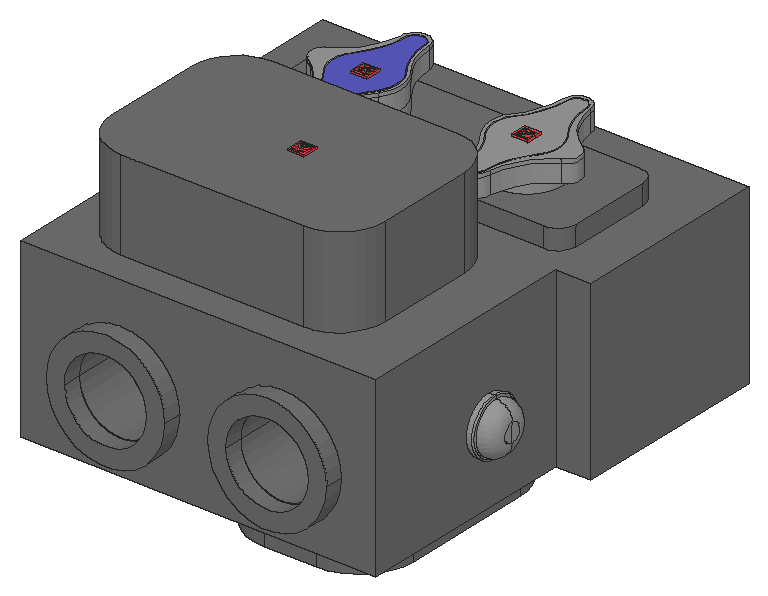
Revit family "HerzCon-узел прямого подключения для фанкойлов 90мм", category Rohrzubehör, Revit 2019
Family settings
  Bemaßung runder Anschluss = Durchmesser verwenden
  Teiletyp = Unterbricht
  OmniClass-Nummer = 23.65.55.14
  OmniClass-Titel = Valves for Liquid Services
  Arbeitsebenenbasiert = Nein
  Immer vertikal = Ja
  Beim Laden mit Abzugskörper schneiden = Nein
  Gemeinsam genutzt = Nein
Parameters (values of type "DN25")
  Среда = "Вода для системы отопления подготавливается в соответствии с ÖNORM H5195 или VDI 2035.\r\nВозможно использование этилена или пропиленгликоля в концентрации 25-50% объема."
  Применение = "HerzCON был разработан для простого подключения фанкойлов или AHU.\r\nHerzCON - это устройство, состоящее из независимого от давления комби-клапана - регулятора расхода (4006), HERZ фильтра-грязевика, HERZ крана для слива (2512) и двух HERZ мультифункциональных шаровых кранов.\r\nВключение, выключение и модульное управление возможно производить через приводы 0 - 10 В.\r\nПриводы могут быть интегрированы в BMS при необходимости.\r\nУстройство обеспечивает независимое от давления управление и в то же время гарантирует постоянный расход для конечного потребителя, максимизируя энергоэффективность системы.\r\nУстройство HerzCON также позволяет производить промывку и запирание.\r\nHerzCON предназначен для работы как в системах холодоснабжения, так и теплоснабжения.\r\nКран для слива, установленный на сетчатом фильтре, позволяет производить промывку устройства без необходимости извлечения сетчатого фильтра, а также позволяет очищать сетчатый фильтр в самом устройстве."
  Номер заказа теплоизолирующего кожуха [instance] = 1470098  # constant formula
  Номер заказа [instance] = 1460058  # constant formula
  Мин. рабочая температура = -20 °C  # constant formula
  Макс. рабочее давление = 2500000.0 Pa  # constant formula
  Макс. рабочая температура = 130 °C  # constant formula
  Макс. дифференциальное давление = 400000.0 Pa  # constant formula
  Корпус = "латунь, устойчивая к селективной цинковой коррозии"  # constant formula
  kvs-Wert (обычная работа) = "2.75"  # constant formula
  kvs-Wert (работа байпаса) = "10.00"  # constant formula
  URL = "www.herz-armaturen.ru"
  SCRNSEQ = "ARM;TYP_ARM=\"DURR\";02"
  SCRNCODE = "05;04;04"  # constant formula
  Nennweite SF [instance] = 32.00 mm  # constant formula
  Nennweite Kombi [instance] = 32.00 mm  # constant formula
  Nennweite KH [instance] = 25.00 mm  # constant formula
  Мембрана и уплотнительное кольцо O-Ring = "EPDM"  # constant formula
  L11 = 14.00 mm  # constant formula
  L10 = 25.00 mm  # constant formula
  L09 = 16.00 mm  # constant formula
  L08 = 14.75 mm  # constant formula
  L07 = 12.50 mm  # constant formula
  L06 = 20.50 mm  # constant formula
  L04 = 45.00 mm  # constant formula
  L03 = 18.00 mm  # constant formula
  L02 = 4.80 mm  # constant formula
  L01 = 19.85 mm  # constant formula
  L00 [instance] = 189.70 mm  # constant formula
  L05 = 22.00 mm  # constant formula
  Теплоизолирующий бокс = "EPP, вспененный полипропилен, паронепроницаемый, антидиффузионный, черного цвета"  # constant formula
  Ход = "4 мм"  # constant formula
  Hersteller = "HERZ Armaturen Ges.m.b.H."  # constant formula
  H02 = D02 + 1.00 mm  # 28.00 mm
  H01 = 39.50 mm  # constant formula
  Изоляция [instance] = yes
  D11 = 20.00 mm  # constant formula
  D10 = 13.00 mm  # constant formula
  D09 = 18.90 mm  # constant formula
  D08 = 19.10 mm  # constant formula
  D07 = 14.85 mm  # constant formula
  D06 = 32.60 mm  # constant formula
  D05 = 33.80 mm  # constant formula
  D04 = 15.50 mm  # constant formula
  D03 = 21.25 mm  # constant formula
  D02 = 27.00 mm  # constant formula
  D01 = 15.00 mm  # constant formula
Reference planes
  plane 1 "Mitte (Vorne/hinten)": y = 0
  plane 2: z = 0
  plane 3 "Mitte (Links/rechts)": x = 0
Forms (mm)
  Revolve 1, solid, material "Messing, weicher Gelbton, geschweißt", detail levels fine
    sketch origin (-0.315, -1.436, 0) x (1, 0, 0) y (0, 1, 0)
      loop
        line (-94.535, 1.436) -> (95.165, 1.436) -> (95.165, 16.436) -> (75.315, 16.436) -> (75.315, 28.436) -> (23.115, 28.436) -> (23.115, 22.686) -> (18.315, 22.686) -> (18.315, 16.936) -> (-17.685, 16.936) -> (-17.685, 22.686) -> (-22.485, 22.686) -> (-22.485, 28.436) -> (-74.685, 28.436) -> (-74.685, 16.436) -> (-94.535, 16.436) -> (-94.535, 1.436)
      axis (95.165, 1.436) -> (-94.535, 1.436)
    angle from 0 to 360
  Revolve 2, solid, material "Messing, weicher Gelbton, geschweißt", detail levels fine
    sketch origin (0, 0, 0) x (1, 0, 0) y (0, 1, 0)
      loop
        line (-45, 28.35) -> (-57.5, 28.35) -> (-57.5, 47.45) -> (-65.5, 47.45) -> (-65.5, 32.6) -> (-67, 32.6) -> (-67, -33.8) -> (-59.75, -33.8) -> (-59.75, -45.7) -> (-70, -45.7) -> (-70, -65.7) -> (-61, -65.7) -> (-61, -52.7) -> (-45, -52.7) -> (-45, 28.35)
      axis (-45, 47.45) -> (-45, -65.7)
    angle from 0 to 360
  Revolve 3, solid, material "Messing, weicher Gelbton, geschweißt", detail levels fine
    sketch origin (0, 0, 0) x (-1, 0, 0) y (0, 1, 0)
      loop
        line (-45, 28.35) -> (-57.5, 28.35) -> (-57.5, 47.45) -> (-65.5, 47.45) -> (-65.5, 32.6) -> (-67, 32.6) -> (-67, -33.8) -> (-59.75, -33.8) -> (-59.75, -45.7) -> (-70, -45.7) -> (-70, -65.7) -> (-61, -65.7) -> (-61, -52.7) -> (-45, -52.7) -> (-45, 28.35)
      axis (-45, 47.45) -> (-45, -65.7)
    angle from 0 to 360
  Revolve 4, solid, material "Messing, weicher Gelbton, geschweißt", detail levels fine
    sketch origin (0, 0, 0) x (1, 0, 0) y (0, 0, 1)
      loop
        line (-45, 0) -> (-45, 39.5) -> (-59, 39.5) -> (-59, 0) -> (-45, 0)
      axis (-45, 0) -> (-45, 39.5)
    angle from 0 to 360
  Revolve 5, solid, material "Messing, weicher Gelbton, geschweißt", detail levels fine
    sketch origin (0, 0, 0) x (-1, 0, 0) y (0, 0, 1)
      loop
        line (-45, 0) -> (-45, 39.5) -> (-59, 39.5) -> (-59, 0) -> (-45, 0)
      axis (-45, 0) -> (-45, 39.5)
    angle from 0 to 360
  Revolve 6, solid, material "Messing, weicher Gelbton, geschweißt", detail levels fine
    sketch origin (0, 33.127, 0) x (1, 0, 0) y (0, 1, 0)
      loop
        line (45, -87.677) -> (29, -87.677) -> (29, -96.677) -> (30, -96.677) -> (30, -154.677) -> (29, -154.677) -> (29, -163.677) -> (45, -163.677) -> (45, -87.677)
      axis (45, -87.677) -> (45, -163.677)
    angle from 0 to 360
  Revolve 7, solid, material "Messing, weicher Gelbton, geschweißt", detail levels fine
    sketch origin (0, 0, 0) x (1, 0, 0) y (0, 1, 0)
      loop
        line (25, -92.55) -> (25, -107.55) -> (45, -107.55) -> (60, -111.55) -> (68, -111.55) -> (68, -107.55) -> (78, -107.55) -> (78, -105.55) -> (91, -105.55) -> (91, -106.55) -> (100, -106.55) -> (100, -92.55) -> (25, -92.55)
      axis (25, -92.55) -> (100, -92.55)
    angle from 0 to 360
  Revolve 8, solid, material "Messing, weicher Gelbton, geschweißt", detail levels fine
    sketch origin (0, 0, 0) x (1, 0, 0) y (0, 1, 0)
      loop
        line (25, -92.55) -> (11, -92.55) -> (11, -103.55) -> (15, -103.55) -> (15, -109.55) -> (25, -109.55) -> (25, -92.55)
      axis (11, -92.55) -> (25, -92.55)
    angle from 0 to 360
  Extrusion 9, solid, material "Messing, weicher Gelbton, geschweißt", detail levels fine
    sketch origin (0, 0, 0) x (0, 1, 0) y (0, 0, 1)
      loop
        line (-87.8, 46) -> (-97.3, 46) -> (-130.012, 27.114) -> (-134.762, 18.886) -> (-134.762, -18.886) -> (-130.012, -27.114) -> (-97.3, -46) -> (-87.8, -46) -> (-55.088, -27.114) -> (-50.338, -18.886) -> (-50.338, 18.886) -> (-55.088, 27.114) -> (-87.8, 46)
    from 11 to -10.6
  Revolve 10, solid, material "Messing, weicher Gelbton, geschweißt", detail levels fine
    sketch origin (0, 0, 0) x (1, 0, 0) y (0, 1, 0)
      loop
        line (-10.6, -92.55) -> (-10.6, -62.694) -> (-14.1, -75.05) -> (-14.1, -92.55) -> (-10.6, -92.55)
      axis (-14.1, -92.55) -> (-10.6, -92.55)
    angle from 0 to 360
  Extrusion 11, solid, material "Messing, weicher Gelbton, geschweißt", detail levels fine
    sketch origin (0, 0, 0) x (1, 0, 0) y (0, 0, 1)
      loop
        line (11, 8) -> (-6.1, 8)
        arc (-6.1, 8) -> (-14.1, 0) -> (-6.1, -8) r 8
        line (-6.1, -8) -> (11, -8) -> (11, 8)
    from 49.053 to 92.55
  Revolve 12, solid, material "Messing, weicher Gelbton, geschweißt", detail levels fine
    sketch origin (0, 0, 0) x (1, 0, 0) y (0, 1, 0)
      loop
        line (-13.1, -49.053) -> (-6.1, -49.053) -> (-6.1, -33.053) -> (-13.1, -33.053) -> (-13.1, -44.053) -> (-10.1, -44.053) -> (-10.1, -46.053) -> (-13.1, -46.053) -> (-13.1, -49.053)
      axis (-6.1, -33.053) -> (-6.1, -49.053)
    angle from 0 to 360
  Revolve 13, solid, material "Messing, weicher Gelbton, geschweißt", detail levels fine
    sketch origin (45, 0, 0) x (0, 1, 0) y (0, 0, 1)
      loop
        line (-107.55, 29) -> (-116.55, 29) -> (-116.55, 0) -> (-115.35, 0) -> (-115.35, -27) -> (-114.55, -27) -> (-114.55, -30) -> (-111.55, -30) -> (-111.55, -32) -> (-114.55, -32) -> (-114.55, -43) -> (-107.55, -43) -> (-107.55, 29)
      axis (-107.55, 29) -> (-107.55, -43)
    angle from 0 to 360
  Revolve 14, solid, material "Messing, weicher Gelbton, geschweißt", detail levels fine
    sketch origin (45, 0, 0) x (0, 1, 0) y (0, 0, 1)
      loop
        line (-68.55, 29) -> (-77.55, 29) -> (-77.55, 0) -> (-68.55, 0) -> (-68.55, 29)
      axis (-77.55, 29) -> (-77.55, 0)
    angle from 0 to 360
  Revolve 15, solid, material "Messing, weicher Gelbton, geschweißt", detail levels fine
    sketch origin (5.25, 97.957, 0) x (1, 0, 0) y (0, 1, 0)
      loop
        line (-50.25, -152.507) -> (-66.25, -152.507) -> (-66.25, -167.507) -> (-67.75, -167.507) -> (-67.75, -230.907) -> (-66.25, -230.907) -> (-66.25, -242.507) -> (-50.25, -242.507) -> (-50.25, -152.507)
      axis (-50.25, -152.507) -> (-50.25, -242.507)
    angle from 0 to 360
  Revolve 16, solid, material "Messing, weicher Gelbton, geschweißt", detail levels fine
    sketch origin (-45, -230.478, 0) x (0, 1, 0) y (0, 0, 1)
      loop
        arc (130.928, -23.913) -> (141.764, -20.377) -> (148.428, -11.13) r 18.37
        line (148.428, -11.13) -> (148.428, 3) -> (149.428, 4.812) -> (149.428, 32.5) -> (149.428, 34.5) -> (148.428, 34.5) -> (148.428, 36) -> (144.428, 36) -> (144.428, 49) -> (142.55, 50.084)
        arc (142.55, 50.084) -> (140.382, 52.622) -> (140.295, 55.959) r 5
        line (140.295, 55.959) -> (141.933, 61) -> (141.933, 76) -> (144.133, 76) -> (144.133, 77.5) -> (145.912, 77.5) -> (145.912, 84) -> (144.912, 86.5) -> (133.412, 86.5) -> (133.412, 89.5) -> (134.912, 89.5) -> (134.912, 91.5) -> (130.928, 91.5) -> (130.928, -23.913)
      axis (130.928, 91.5) -> (130.928, -23.913)
    angle from 0 to 360
  Extrusion 17, solid, material "Messing, weicher Gelbton, geschweißt", detail levels fine
    sketch origin (-1, -230.478, 0) x (0, 1, 0) y (0, 0, 1)
      loop
        circle (130.928, 65) r 5.5
    from -44 to -27
  Extrusion 18, solid, material "Kunststoff-Anthrazit/Schwarz", visible <- "Изоляция", detail levels fine
    sketch origin (-452.346, 0, 0) x (1, 0, 0) y (0, 1, 0)
      loop
        line (332.346, 64.5) -> (332.346, -45.5) -> (351.746, -45.5) -> (351.746, -170.5) -> (549.946, -170.5) -> (549.946, -45.5) -> (569.346, -45.5) -> (569.346, 64.5) -> (332.346, 64.5)
    from -42 to 56
  Extrusion 19, void
    sketch origin (0, 0, 0) x (0, 1, 0) y (0, 0, 1)
      loop
        circle (-92.55, 0) r 15
    from 117 to 32.451
  Extrusion 20, void
    sketch origin (0, 0, 0) x (1, 0, 0) y (0, 0, 1)
      loop
        circle (-45, 0) r 23
      loop
        circle (45, 0) r 23
    from 184.5 to -80
  Extrusion 21, solid, material "Kunststoff-Anthrazit/Schwarz", visible <- "Изоляция", detail levels fine
    sketch origin (0, 0, 0) x (1, 0, 0) y (0, 0, 1)
      loop
        circle (-45, 0) r 33
      loop
        circle (45, 0) r 33
    from 180.5 to 170.5
  Extrusion 22, solid, material "Kunststoff-Anthrazit/Schwarz", visible <- "Изоляция", detail levels fine
    sketch origin (0, 0, 0) x (1, 0, 0) y (0, 0, 1)
      loop
        circle (-45, 0) r 33
      loop
        circle (45, 0) r 33
    from -64.5 to -74.5
  Extrusion 23, solid, material "Kunststoff-Anthrazit/Schwarz", visible <- "Изоляция", detail levels fine
    sketch origin (0, 0, 0) x (1, 0, 0) y (0, 1, 0)
      loop
        line (43.2, -46.9) -> (-58.4, -46.9)
        arc (-58.4, -46.9) -> (-76.078, -54.222) -> (-83.4, -71.9) r 25
        line (-83.4, -71.9) -> (-83.4, -128)
        arc (-83.4, -128) -> (-76.078, -145.678) -> (-58.4, -153) r 25
        line (-58.4, -153) -> (43.2, -153)
        arc (43.2, -153) -> (60.878, -145.678) -> (68.2, -128) r 25
        line (68.2, -128) -> (68.2, -71.9)
        arc (68.2, -71.9) -> (60.878, -54.222) -> (43.2, -46.9) r 25
    from 56 to 106
  Extrusion 24, solid, material "Kunststoff-Anthrazit/Schwarz", visible <- "Изоляция", detail levels fine
    sketch origin (0, 0, 0) x (1, 0, 0) y (0, 1, 0)
      loop
        arc (81.5, -33.43) -> (88.571, -30.501) -> (91.5, -23.43) r 10
        line (91.5, -23.43) -> (91.5, 22.8)
        arc (91.5, 22.8) -> (88.571, 29.871) -> (81.5, 32.8) r 10
        line (81.5, 32.8) -> (-81.5, 32.8)
        arc (-81.5, 32.8) -> (-88.571, 29.871) -> (-91.5, 22.8) r 10
        line (-91.5, 22.8) -> (-91.5, -23.43)
        arc (-91.5, -23.43) -> (-88.571, -30.501) -> (-81.5, -33.43) r 10
        line (-81.5, -33.43) -> (81.5, -33.43)
    from 56 to 67
  Extrusion 25, solid, material "Kunststoff-Anthrazit/Schwarz", visible <- "Изоляция", detail levels fine
    sketch origin (0, 0, 0) x (1, 0, 0) y (0, 1, 0)
      loop
        arc (5.4, 1.85) -> (-15.813, -6.937) -> (-24.6, -28.15) r 30
        line (-24.6, -28.15) -> (-24.6, -102.9)
        arc (-24.6, -102.9) -> (-15.813, -124.113) -> (5.4, -132.9) r 30
        line (5.4, -132.9) -> (34.4, -132.9)
        arc (34.4, -132.9) -> (55.613, -124.113) -> (64.4, -102.9) r 30
        line (64.4, -102.9) -> (64.4, -28.15)
        arc (64.4, -28.15) -> (55.613, -6.937) -> (34.4, 1.85) r 30
        line (34.4, 1.85) -> (5.4, 1.85)
    from -42 to -76
Cuts and joins
  Extrusion 19, Extrusion 20 cuts Extrusion 18
  Extrusion 20 cuts Extrusion 21
  Extrusion 20 cuts Extrusion 22
Dimensions and locks
  "D04": Revolve 1 sketch curve to Revolve 1 sketch curve
  "D03": Revolve 1 sketch curve to Revolve 1 sketch curve  (x2)
  "D01": Revolve 1 sketch curve to Revolve 1 sketch curve  (x2)
  "D02": Revolve 1 sketch curve to Revolve 1 sketch curve  (x2)
  "L00": Revolve 1 sketch curve to Revolve 1 sketch curve
  "L01": Revolve 1 sketch curve to Revolve 1 sketch curve  (x2)
  "L02": Revolve 1 sketch curve to Revolve 1 sketch curve  (x2)
  equal spacing: Revolve 1 sketch curve, plane 3 "Mitte (Links/rechts)", Revolve 1 sketch curve
  "L03": Revolve 1 sketch curve to plane 3 "Mitte (Links/rechts)" to Revolve 1 sketch curve
  "L04": Revolve 2 sketch curve to plane 3 "Mitte (Links/rechts)"  (x2)
  "L05": Revolve 2 sketch curve to Revolve 2 sketch curve
  "D05": Revolve 2 sketch curve to plane 1 "Mitte (Vorne/hinten)"
  "D06": plane 1 "Mitte (Vorne/hinten)" to Revolve 2 sketch curve
  "L06": Revolve 2 sketch curve to Revolve 2 sketch curve
  "D07": Revolve 2 sketch curve to Revolve 2 sketch curve
  "D08": Revolve 2 sketch curve to Revolve 2 sketch curve
  "L07": Revolve 2 sketch curve to Revolve 2 sketch curve
  "L08": Revolve 2 sketch curve to Revolve 2 sketch curve
  "D09": Revolve 2 sketch curve to Revolve 2 sketch curve
  "D10": Revolve 2 sketch curve to Revolve 2 sketch curve
  "D11": Revolve 2 sketch curve to Revolve 2 sketch curve
  "L09": Revolve 2 sketch curve to Revolve 2 sketch curve
  "L10": Revolve 2 sketch curve to Revolve 2 sketch curve
  "L05": Revolve 3 sketch curve to Revolve 3 sketch curve
  "L06": Revolve 3 sketch curve to Revolve 3 sketch curve
  "D07": Revolve 3 sketch curve to Revolve 3 sketch curve
  "D08": Revolve 3 sketch curve to Revolve 3 sketch curve
  "L07": Revolve 3 sketch curve to Revolve 3 sketch curve
  "L08": Revolve 3 sketch curve to Revolve 3 sketch curve
  "D09": Revolve 3 sketch curve to Revolve 3 sketch curve
  "D10": Revolve 3 sketch curve to Revolve 3 sketch curve
  "D11": Revolve 3 sketch curve to Revolve 3 sketch curve
  "L09": Revolve 3 sketch curve to Revolve 3 sketch curve
  "L10": Revolve 3 sketch curve to Revolve 3 sketch curve
  "L04": plane 3 "Mitte (Links/rechts)" to Revolve 3 sketch curve  (x2)
  "D05": Revolve 3 sketch curve to plane 1 "Mitte (Vorne/hinten)"
  "D06": plane 1 "Mitte (Vorne/hinten)" to Revolve 3 sketch curve
  "H01": Revolve 4 sketch curve to plane 2
  "L04": plane 3 "Mitte (Links/rechts)" to Revolve 4 sketch curve  (x2)
  "L11": Revolve 4 sketch curve to Revolve 4 sketch curve
  "L11": Revolve 5 sketch curve to Revolve 5 sketch curve
  "L04": Revolve 5 sketch curve to plane 3 "Mitte (Links/rechts)"  (x2)
  "H01": Revolve 5 sketch curve to plane 2
  "L04": nested 3 to plane 3 "Mitte (Links/rechts)"
  "L04": plane 3 "Mitte (Links/rechts)" to nested 4
  "H02": nested 3 to plane 2
  "H02": nested 4 to plane 2
  "L04": plane 3 "Mitte (Links/rechts)" to Revolve 6 sketch curve  (x2)
  Revolve 6 sketch curve to Revolve 6 sketch curve = 16.00 mm  (x2)
  Revolve 6 sketch curve to Revolve 6 sketch curve = 15.00 mm
  Revolve 6 sketch curve to Revolve 6 sketch curve = 76.00 mm
  Revolve 6 sketch curve to Revolve 6 sketch curve = 9.00 mm  (x2)
  equal spacing: Revolve 6, Revolve 7 sketch curve, Revolve 6  (x2)
  Revolve 7 sketch curve to Revolve 7 sketch curve = 75.00 mm
  Revolve 7 sketch curve to Revolve 7 sketch curve = 9.00 mm
  Revolve 7 sketch curve to Revolve 7 sketch curve = 13.00 mm  (x2)
  Revolve 7 sketch curve to Revolve 7 sketch curve = 10.00 mm
  "L04": plane 3 "Mitte (Links/rechts)" to Revolve 7 sketch curve
  Revolve 7 sketch curve to Revolve 7 sketch curve = 14.00 mm
  Revolve 7 sketch curve to Revolve 7 sketch curve = 15.00 mm  (x2)
  Revolve 7 sketch curve to Revolve 7 sketch curve = 20.00 mm
  Revolve 7 sketch curve to Revolve 7 sketch curve = 35.00 mm
  Revolve 8 sketch curve to Revolve 7 = 20.00 mm
  equal spacing: Revolve 6, Revolve 8 sketch curve, Revolve 6  (x2)
  Revolve 8 sketch curve to Revolve 8 sketch curve = 17.00 mm
  Revolve 8 sketch curve to Revolve 8 sketch curve = 11.00 mm
  Revolve 8 sketch curve to Revolve 8 sketch curve = 14.00 mm
  Revolve 8 sketch curve to Revolve 8 sketch curve = 10.00 mm
  Revolve 6 to Extrusion 9 sketch curve = 4.212 mm
  Extrusion 9 sketch curve to Revolve 6 = 4.212 mm
  Extrusion 9 sketch curve to Extrusion 9 sketch curve = 84.424 mm
  equal spacing: Extrusion 9 sketch curve, level, Extrusion 9 sketch curve
  Extrusion 9 to Revolve 7 = 34.00 mm
  equal spacing: Revolve 6, Revolve 10 sketch curve, Revolve 6  (x2)
  Revolve 10 sketch curve to Revolve 10 sketch curve = 17.50 mm
  Revolve 10 sketch curve to Revolve 10 sketch curve = 29.856 mm
  Revolve 10 sketch curve to Extrusion 9 = 3.50 mm
  equal spacing: Revolve 6, nested 5, Revolve 6
  Revolve 7 to nested 5 = 46.00 mm
  Extrusion 9 to Revolve 10 = 25.10 mm
  Revolve 12 sketch curve to Revolve 12 sketch curve = 7.00 mm  (x2)
  Revolve 12 sketch curve to Revolve 12 sketch curve = 4.00 mm
  Revolve 12 sketch curve to Revolve 12 sketch curve = 3.00 mm
  Revolve 12 sketch curve to Revolve 12 sketch curve = 2.00 mm
  Revolve 12 sketch curve to Revolve 12 sketch curve = 11.00 mm
  Revolve 10 to Revolve 12 sketch curve = 1.00 mm
  Revolve 10 to Revolve 12 sketch curve = 8.00 mm
  Extrusion 11 to Revolve 12 sketch curve = 43.497 mm
  equal spacing: Revolve 6, Extrusion 11, Revolve 6
  Extrusion 11 to Extrusion 11 = 43.497 mm
  Revolve 3 to Revolve 6 = 178.00 mm
  Revolve 13 sketch curve to Revolve 13 sketch curve = 7.80 mm
  Revolve 13 sketch curve to Revolve 13 sketch curve = 9.00 mm
  Revolve 13 sketch curve to Revolve 13 sketch curve = 7.00 mm  (x2)
  Revolve 13 sketch curve to Revolve 13 sketch curve = 4.00 mm
  Revolve 13 sketch curve to Revolve 13 sketch curve = 3.00 mm
  Revolve 13 sketch curve to Revolve 13 sketch curve = 2.00 mm
  Revolve 13 sketch curve to Revolve 13 sketch curve = 11.00 mm
  "L04": plane 3 "Mitte (Links/rechts)" to Revolve 13
  Revolve 14 sketch curve to Revolve 14 sketch curve = 9.00 mm
  "L04": plane 3 "Mitte (Links/rechts)" to Revolve 14
  nested 7 to plane 2 = 29.00 mm
  nested 6 to plane 2 = 29.00 mm
  Revolve 15 sketch curve to Revolve 15 sketch curve = 11.60 mm
  Revolve 15 sketch curve to Revolve 15 sketch curve = 15.00 mm
  Revolve 15 sketch curve to Revolve 15 sketch curve = 90.00 mm
  Revolve 15 sketch curve to Revolve 15 sketch curve = 16.00 mm  (x2)
  Revolve 15 sketch curve to Revolve 15 sketch curve = 17.50 mm
  Revolve 15 to Revolve 16 sketch curve = 45.00 mm  (x2)
  Revolve 15 to Extrusion 17 sketch curve = 45.00 mm
  nested 8 to Revolve 15 = 45.00 mm
  plane 2 to Revolve 16 sketch curve = 23.913 mm
  Revolve 16 sketch curve to plane 2 = 34.50 mm
  Revolve 16 sketch curve to Revolve 16 sketch curve = 17.50 mm  (x2)
  Revolve 16 sketch curve to plane 2 = 4.812 mm
  Revolve 16 sketch curve to Revolve 16 sketch curve = 18.50 mm
  Revolve 16 sketch curve to Revolve 16 sketch curve = 1.50 mm
  Revolve 16 sketch curve to Revolve 16 sketch curve = 13.50 mm
  Revolve 16 sketch curve to Revolve 16 sketch curve = 13.00 mm
  "L04": Revolve 16 to plane 3 "Mitte (Links/rechts)"
  "L04": Revolve 15 sketch curve to plane 3 "Mitte (Links/rechts)"  (x2)
  Extrusion 17 to Extrusion 17 = 17.00 mm
  "L04": plane 3 "Mitte (Links/rechts)" to Extrusion 17
  Revolve 16 to Extrusion 17 sketch curve = 11.00 mm
  Extrusion 17 sketch curve to plane 2 = 65.00 mm
  Revolve 15 to Revolve 2 = 192.00 mm
  Extrusion 18 sketch curve to Extrusion 18 sketch curve = 237.00 mm
  Extrusion 18 sketch curve to Extrusion 18 sketch curve = 235.00 mm
  Extrusion 18 sketch curve to Extrusion 18 sketch curve = 19.40 mm  (x2)
  plane 1 "Mitte (Vorne/hinten)" to Extrusion 18 sketch curve = 64.50 mm
  Extrusion 18 sketch curve to Extrusion 18 sketch curve = 110.00 mm  (x2)
  cut or joined group of Extrusion 18, Extrusion 19, Extrusion 20 to Extrusion 19 sketch curve = 77.95 mm
  cut or joined group of Extrusion 18, Extrusion 19, Extrusion 20 to Extrusion 20 sketch curve = 52.00 mm
  cut or joined group of Extrusion 18, Extrusion 19, Extrusion 20 to Extrusion 20 sketch curve = 142.00 mm
  cut or joined group of Extrusion 18, Extrusion 19, Extrusion 20 to Extrusion 21 sketch curve = 42.00 mm
  cut or joined group of Extrusion 18, Extrusion 19, Extrusion 20 to Extrusion 21 sketch curve = 132.00 mm
  cut or joined group of Extrusion 18, Extrusion 19, Extrusion 20 to Extrusion 22 sketch curve = 42.00 mm
  cut or joined group of Extrusion 18, Extrusion 19, Extrusion 20 to Extrusion 22 sketch curve = 132.00 mm
  cut or joined group of Extrusion 18, Extrusion 19, Extrusion 20 to Extrusion 23 sketch curve = 17.50 mm
  cut or joined group of Extrusion 18, Extrusion 19, Extrusion 20 to Extrusion 23 sketch curve = 17.20 mm
  Extrusion 23 sketch curve to Extrusion 23 sketch curve = 151.60 mm
  Extrusion 23 sketch curve to Extrusion 23 sketch curve = 106.10 mm
  Extrusion 24 sketch curve to Extrusion 24 sketch curve = 66.23 mm
  Extrusion 24 sketch curve to Extrusion 24 sketch curve = 183.00 mm
  cut or joined group of Extrusion 18, Extrusion 19, Extrusion 20 to Extrusion 24 sketch curve = 28.50 mm
  Extrusion 24 sketch curve to cut or joined group of Extrusion 18, Extrusion 19, Extrusion 20 = 25.50 mm
  cut or joined group of Extrusion 18, Extrusion 19, Extrusion 20 to Extrusion 24 sketch curve = 31.70 mm
  cut or joined group of Extrusion 18, Extrusion 19, Extrusion 20 to Extrusion 25 sketch curve = 62.65 mm
  Extrusion 25 sketch curve to Extrusion 25 sketch curve = 134.75 mm
  Extrusion 25 sketch curve to cut or joined group of Extrusion 18, Extrusion 19, Extrusion 20 = 52.60 mm
  Extrusion 25 sketch curve to Extrusion 25 sketch curve = 89.00 mm
  equal spacing: Extrusion 23, nested 9, Extrusion 23
  nested 9 to plane 2 = 105.20 mm
  radius of Revolve 16 sketch curve = 18.37 mm
  radius of Extrusion 17 sketch curve = 5.50 mm
  diameter of Extrusion 19 sketch curve = 30.00 mm
  diameter of Extrusion 20 sketch curve = 46.00 mm  (x2)
  diameter of Extrusion 21 sketch curve = 66.00 mm  (x2)
  diameter of Extrusion 22 sketch curve = 66.00 mm  (x2)
  aligned and locked: level to plane 2
Automatic sketch dimensions
  Extrusion 11 sketch curve to level = 0.00 mm
  Extrusion 11 sketch curve to plane 3 "Mitte (Links/rechts)" = 6.10 mm
  plane 3 "Mitte (Links/rechts)" to Extrusion 11 sketch curve = 11.00 mm
  Extrusion 11 sketch curve to level = 8.00 mm
  Revolve 8 sketch curve to Revolve 8 sketch curve = 2.197 mm
  Revolve 8 sketch curve to Revolve 8 sketch curve = 3.212 mm
  level to Extrusion 9 sketch curve = 27.114 mm  (x2)
  Extrusion 9 sketch curve to Extrusion 9 sketch curve = 4.75 mm  (x4)
  Extrusion 9 sketch curve to level = 27.114 mm  (x2)
  Extrusion 9 sketch curve to Extrusion 9 sketch curve = 32.712 mm  (x2)
  Extrusion 9 sketch curve to Extrusion 9 sketch curve = 9.50 mm  (x2)
  Extrusion 9 sketch curve to Extrusion 9 sketch curve = 18.886 mm
  Extrusion 9 sketch curve to Extrusion 9 sketch curve = 8.227 mm  (x4)
  Revolve 10 sketch curve to plane 3 "Mitte (Links/rechts)" = 10.60 mm
  Revolve 10 sketch curve to Revolve 10 sketch curve = 0.00 mm  (x2)
  Revolve 12 sketch curve to Revolve 12 sketch curve = 1.775 mm
  Revolve 12 sketch curve to Revolve 12 sketch curve = 4.225 mm
  Revolve 13 sketch curve to level = 0.00 mm
  level to Revolve 13 sketch curve = 29.00 mm
  plane 1 "Mitte (Vorne/hinten)" to Revolve 13 sketch curve = 116.55 mm
  Revolve 13 sketch curve to level = 27.00 mm
  Revolve 13 sketch curve to Revolve 13 sketch curve = 7.00 mm
  Revolve 13 sketch curve to Revolve 13 sketch curve = 7.744 mm
  Revolve 13 sketch curve to Revolve 13 sketch curve = 8.256 mm
  Revolve 14 sketch curve to level = 0.00 mm
  level to Revolve 14 sketch curve = 29.00 mm
  plane 1 "Mitte (Vorne/hinten)" to Revolve 14 sketch curve = 77.55 mm
  Revolve 14 sketch curve to Revolve 14 sketch curve = 0.00 mm
  level to Revolve 14 sketch curve = 14.00 mm
  Revolve 14 sketch curve to Revolve 14 sketch curve = 5.00 mm
  Revolve 16 sketch curve to Revolve 16 sketch curve = 2.485 mm
  Revolve 16 sketch curve to Revolve 16 sketch curve = 1.50 mm  (x2)
  level to Revolve 16 sketch curve = 55.959 mm
  Revolve 16 sketch curve to Revolve 16 sketch curve = 4.133 mm
  level to Revolve 16 sketch curve = 61.00 mm
  Revolve 16 sketch curve to Revolve 16 sketch curve = 1.638 mm
  level to Revolve 16 sketch curve = 50.084 mm
  Revolve 16 sketch curve to Revolve 16 sketch curve = 1.878 mm
  Revolve 16 sketch curve to Revolve 16 sketch curve = 10.00 mm
  Revolve 16 sketch curve to Revolve 16 sketch curve = 2.50 mm  (x2)
  Revolve 16 sketch curve to Revolve 16 sketch curve = 1.00 mm
  Revolve 16 sketch curve to Revolve 16 sketch curve = 1.812 mm
  Revolve 16 sketch curve to Revolve 16 sketch curve = 2.00 mm  (x2)
  Revolve 16 sketch curve to Revolve 16 sketch curve = 15.00 mm
  Revolve 16 sketch curve to Revolve 16 sketch curve = 6.50 mm
  Revolve 16 sketch curve to Revolve 16 sketch curve = 3.00 mm
  Revolve 16 sketch curve to Revolve 16 sketch curve = 2.20 mm
  Revolve 16 sketch curve to Revolve 16 sketch curve = 1.316 mm
  Revolve 16 sketch curve to Revolve 16 sketch curve = 0.227 mm
  Extrusion 18 sketch curve to plane 3 "Mitte (Links/rechts)" = 120.00 mm
  Extrusion 19 sketch curve to level = 0.00 mm
  Extrusion 20 sketch curve to level = 0.00 mm  (x2)
  Extrusion 21 sketch curve to level = 0.00 mm  (x2)
  Extrusion 22 sketch curve to level = 0.00 mm  (x2)
  Extrusion 23 sketch curve to Extrusion 23 sketch curve = 25.00 mm  (x4)
  Extrusion 24 sketch curve to Extrusion 24 sketch curve = 10.00 mm  (x4)
  Extrusion 25 sketch curve to Extrusion 25 sketch curve = 30.00 mm
  plane 1 "Mitte (Vorne/hinten)" to Extrusion 25 sketch curve = 28.15 mm
  Extrusion 25 sketch curve to Extrusion 25 sketch curve = 29.00 mm  (x2)
  Revolve 1 sketch curve to plane 1 "Mitte (Vorne/hinten)" = 0.00 mm
  plane 1 "Mitte (Vorne/hinten)" to Revolve 1 sketch curve = 0.00 mm
  Revolve 1 sketch curve to Revolve 1 sketch curve = 1933.131 mm
  Revolve 1 sketch curve to Revolve 1 sketch curve = 1932.50 mm
  plane 1 "Mitte (Vorne/hinten)" to Revolve 2 sketch curve = 18.80 mm
  Revolve 2 sketch curve to Revolve 2 sketch curve = 12.268 mm
  Revolve 3 sketch curve to plane 1 "Mitte (Vorne/hinten)" = 18.80 mm
  Revolve 3 sketch curve to Revolve 3 sketch curve = 12.268 mm
  Revolve 4 sketch curve to level = 0.00 mm  (x2)
  Revolve 4 sketch curve to Revolve 4 sketch curve = 9.50 mm
  Revolve 5 sketch curve to level = 0.00 mm  (x2)
  Revolve 5 sketch curve to Revolve 5 sketch curve = 9.50 mm
  plane 1 "Mitte (Vorne/hinten)" to Revolve 6 sketch curve = 130.55 mm
  Revolve 6 sketch curve to Revolve 6 sketch curve = 6.00 mm
  Revolve 6 sketch curve to Revolve 6 sketch curve = 5.00 mm
  Revolve 7 sketch curve to Revolve 7 sketch curve = 4.00 mm
  Revolve 7 sketch curve to Revolve 7 sketch curve = 15.00 mm
  Revolve 7 sketch curve to Revolve 7 sketch curve = 11.575 mm
  plane 1 "Mitte (Vorne/hinten)" to Revolve 15 sketch curve = 144.55 mm
  Revolve 15 sketch curve to Revolve 15 sketch curve = 6.926 mm
  Revolve 15 sketch curve to Revolve 15 sketch curve = 10.00 mm
Nested families
  nested 1: "Herz-Logo-vorne" at (-0.315, -15.5, 0) x (0, 1, 0) z (0, 0, 1), type "Herz-Logo-vorne", detail levels fine
  nested 2: "Herz-Logo-vorne" at (-0.315, 15.5, 0) x (0, 1, 0) z (0, 0, 1), type "Herz-Logo-vorne", detail levels fine
  nested 3: "Handrad (blau) für HerzCon DN25-DN32" at (-45, 0, 28) x (0, -1, 0) z (0, 0, 1), type "Handrad (blau) für HerzCon DN25-DN32", detail levels fine
  nested 4: "Handrad (rot) für HerzCon DN25-DN32" at (45, 0, 28) x (0, 1, 0) z (0, 0, 1), type "Handrad (rot) für HerzCon DN25-DN32", detail levels fine
  nested 5: "Bauschutzkappe für HerCon" at (91, -92.55, 0), type "Bauschutzkappe für HerCon"
  nested 6: "Messstutzen_Band_Austritt_senkrecht_(oben)" at (45, -77.55, 11.5), type "Messstutzen_Band_Austritt_senkrecht_(oben)"
    with Schutzkappe yes, Nennweite 0.00 mm, Gewicht 0.00 kg, Bestellnummer 0
  nested 7: "Messstutzen_Band_Eintritt_senkrecht_(oben)" at (45, -107.55, 11.5), type "Messstutzen_Band_Eintritt_senkrecht_(oben)"
    with Schutzkappe yes, Nennweite 0.00 mm, Gewicht 0.00 kg, Bestellnummer 0
  nested 8: "Flügelgriff rot (seite)" at (-32.6, -99.55, 65), type "Flügelgriff rot (seite)"
  nested 9: "Herz-Logo" at (0, -99.95, 105.2), visible <- "Изоляция", type "Herz-Logo", detail levels fine
Connectors
  piping at (45, -130.55, 0), diameter 32, driven by "Nennweite Kombi"
    settings: on Revolve 6, index 1, connector inside diameter 609.6 mm, connector length 0.00 mm, flow factor 0, pipe flow 0.0 L/s, pressure drop 0.0 Pa, fitting loss kfactor 0, connector angle 0.00°, fixture units 0, engagement length 0.00 mm, angle of deflection 0.00°, flow configuration 0, flow direction 1, fitting loss method 0, system type 7, joint type 0, gender type 0, connector reference index -1, connector utility 0, adjustable connector no, is connector primary yes, connector description ""
  piping at (-45, -144.55, 0), diameter 32, driven by "Nennweite SF"
    settings: on Revolve 15, index 2, connector inside diameter 609.6 mm, connector length 0.00 mm, flow factor 0, pipe flow 0.0 L/s, pressure drop 0.0 Pa, fitting loss kfactor 0, connector angle 0.00°, fixture units 0, engagement length 0.00 mm, angle of deflection 0.00°, flow configuration 0, flow direction 2, fitting loss method 0, system type 8, joint type 0, gender type 0, connector reference index -1, connector utility 0, adjustable connector no, is connector primary no, connector description ""
  piping at (-45, 28.35, 0), diameter 25, driven by "Nennweite KH"
    settings: on Revolve 2, index 3, connector inside diameter 609.6 mm, connector length 0.00 mm, flow factor 0, pipe flow 0.0 L/s, pressure drop 0.0 Pa, fitting loss kfactor 0, connector angle 0.00°, fixture units 0, engagement length 0.00 mm, angle of deflection 0.00°, flow configuration 0, flow direction 1, fitting loss method 0, system type 8, joint type 0, gender type 0, connector reference index -1, connector utility 0, adjustable connector no, is connector primary no, connector description ""
  piping at (45, 28.35, 0), diameter 25, driven by "Nennweite KH"
    settings: on Revolve 3, index 4, connector inside diameter 609.6 mm, connector length 0.00 mm, flow factor 0, pipe flow 0.0 L/s, pressure drop 0.0 Pa, fitting loss kfactor 0, connector angle 0.00°, fixture units 0, engagement length 0.00 mm, angle of deflection 0.00°, flow configuration 0, flow direction 2, fitting loss method 0, system type 7, joint type 0, gender type 0, connector reference index -1, connector utility 0, adjustable connector no, is connector primary no, connector description ""
Definition of nested family "Herz-Logo-vorne"
  Reference planes
    plane 1 "Mitte (Vorne/hinten)": y = 0
    plane 2: z = 0
    plane 3 "Mitte (Links/rechts)": x = 0
  Forms (mm)
    Extrusion 1, solid
      sketch origin (0.732, -0.018, 0.017) x (0, -1, 0) y (0, 0, 1)
        loop
          line (-0.018, -4.517) -> (4.482, -4.517) -> (4.482, 4.483) -> (-4.518, 4.483) -> (-4.518, -4.517) -> (-0.018, -4.517)
        loop
          line (-0.05, -3.48) -> (3.482, -3.48) -> (3.482, 3.483) -> (-3.518, 3.483) -> (-3.518, -3.48) -> (-0.05, -3.48)
        loop
          arc (-0.018, 2.383) -> (-1.543, 3.287) -> (-3.067, 2.383) r 1.738
          arc (-3.067, 2.383) -> (-3.191, 1.899) -> (-3.067, 1.415) r 1.009
          line (-3.067, 1.415) -> (-0.018, -3.281) -> (3.032, 1.415)
          arc (3.032, 1.415) -> (3.156, 1.899) -> (3.032, 2.383) r 1.009
          arc (3.032, 2.383) -> (1.507, 3.287) -> (-0.018, 2.383) r 1.738
        loop
          arc (1.885, 1.272) -> (2.005, 1.675) -> (1.885, 2.079) r 0.74
          arc (1.885, 2.079) -> (1.265, 2.416) -> (0.644, 2.079) r 0.74
          line (0.644, 2.079) -> (-0.018, 0.97) -> (-0.679, 2.079)
          arc (-0.679, 2.079) -> (-1.3, 2.416) -> (-1.921, 2.079) r 0.74
          arc (-1.921, 2.079) -> (-2.04, 1.675) -> (-1.921, 1.272) r 0.74
          line (-1.921, 1.272) -> (-0.018, -1.658) -> (1.885, 1.272)
      from 0 to 1.5
  Dimensions and locks
    aligned and locked: level to plane 2
Definition of nested family "Handrad (blau) für HerzCon DN25-DN32"
  Reference planes
    plane 1 "Mitte (Vorne/hinten)": y = 0
    plane 2: z = 0
    plane 3 "Mitte (Links/rechts)": x = 0
  Forms (mm)
    Extrusion 1, solid, detail levels fine
      sketch origin (0, 0, 0) x (1, 0, 0) y (0, 1, 0)
        loop
          circle (0, 0) r 20
      from 0 to 45
    Extrusion 2, solid, detail levels fine
      sketch origin (0, 0, 0) x (1, 0, 0) y (0, 1, 0)
        loop
          arc (-35, 7.5) -> (-42.5, 0) -> (-35, -7.5) r 7.5
          arc (-35, -7.5) -> (-19.287, -13.2) -> (-7.275, -24.825) r 40
          arc (-7.275, -24.825) -> (0, -30) -> (7.275, -24.825) r 7.7
          arc (7.275, -24.825) -> (19.287, -13.2) -> (35, -7.5) r 40
          arc (35, -7.5) -> (42.5, 0) -> (35, 7.5) r 7.5
          arc (35, 7.5) -> (22.22, 10.127) -> (10.965, 16.726) r 40
          arc (10.965, 16.726) -> (0, 20) -> (-10.965, 16.726) r 20
          arc (-10.965, 16.726) -> (-22.22, 10.127) -> (-35, 7.5) r 40
      from 45 to 55
    Extrusion 3, solid, detail levels fine
      sketch origin (0, 0, 0) x (1, 0, 0) y (0, 1, 0)
        loop
          arc (-35, 7.5) -> (-42.5, 0) -> (-35, -7.5) r 7.5
          arc (-35, -7.5) -> (-19.287, -13.2) -> (-7.275, -24.825) r 40
          arc (-7.275, -24.825) -> (0, -30) -> (7.275, -24.825) r 7.7
          arc (7.275, -24.825) -> (19.287, -13.2) -> (35, -7.5) r 40
          arc (35, -7.5) -> (42.5, 0) -> (35, 7.5) r 7.5
          arc (35, 7.5) -> (22.22, 10.127) -> (10.965, 16.726) r 40
          arc (10.965, 16.726) -> (0, 20) -> (-10.965, 16.726) r 20
          arc (-10.965, 16.726) -> (-22.22, 10.127) -> (-35, 7.5) r 40
        loop
          arc (-34.965, 5.5) -> (-40.5, 0) -> (-34.965, -5.5) r 5.5
          arc (-34.965, -5.5) -> (-21.579, -8.231) -> (-9.777, -15.113) r 42
          arc (-9.777, -15.113) -> (0, -18) -> (9.777, -15.113) r 18
          arc (9.777, -15.113) -> (21.579, -8.231) -> (34.965, -5.5) r 42
          arc (34.965, -5.5) -> (40.5, 0) -> (34.965, 5.5) r 5.5
          arc (34.965, 5.5) -> (21.579, 8.231) -> (9.777, 15.113) r 42
          arc (9.777, 15.113) -> (0, 18) -> (-9.777, 15.113) r 18
          arc (-9.777, 15.113) -> (-21.579, 8.231) -> (-34.965, 5.5) r 42
      from 55 to 57
    Extrusion 4, solid, detail levels fine
      sketch origin (0, 0, 0) x (1, 0, 0) y (0, 1, 0)
        loop
          arc (-34.965, 5.5) -> (-40.5, 0) -> (-34.965, -5.5) r 5.5
          arc (-34.965, -5.5) -> (-21.579, -8.231) -> (-9.777, -15.113) r 42
          arc (-9.777, -15.113) -> (0, -18) -> (9.777, -15.113) r 18
          arc (9.777, -15.113) -> (21.579, -8.231) -> (34.965, -5.5) r 42
          arc (34.965, -5.5) -> (40.5, 0) -> (34.965, 5.5) r 5.5
          arc (34.965, 5.5) -> (21.579, 8.231) -> (9.777, 15.113) r 42
          arc (9.777, 15.113) -> (0, 18) -> (-9.777, 15.113) r 18
          arc (-9.777, 15.113) -> (-21.579, 8.231) -> (-34.965, 5.5) r 42
      from 55 to 57
  Dimensions and locks
    aligned and locked: level to plane 2
  Nested families
    nested 1: "Herz-Logo" at (0, 0, 56.5), type "Herz-Logo", detail levels fine
  Definition of nested family "Herz-Logo"
    Reference planes
      plane 1 "Mitte (Vorne/hinten)": y = 0
      plane 2: z = 0
      plane 3 "Mitte (Links/rechts)": x = 0
    Forms (mm)
      Extrusion 1, solid
        sketch origin (0, 0, 0) x (1, 0, 0) y (0, 1, 0)
          loop
            line (-0.018, -4.517) -> (4.482, -4.517) -> (4.482, 4.483) -> (-4.518, 4.483) -> (-4.518, -4.517) -> (-0.018, -4.517)
          loop
            line (-0.05, -3.48) -> (3.482, -3.48) -> (3.482, 3.483) -> (-3.518, 3.483) -> (-3.518, -3.48) -> (-0.05, -3.48)
          loop
            arc (-0.018, 2.383) -> (-1.543, 3.287) -> (-3.067, 2.383) r 1.738
            arc (-3.067, 2.383) -> (-3.191, 1.899) -> (-3.067, 1.415) r 1.009
            line (-3.067, 1.415) -> (-0.018, -3.281) -> (3.032, 1.415)
            arc (3.032, 1.415) -> (3.156, 1.899) -> (3.032, 2.383) r 1.009
            arc (3.032, 2.383) -> (1.507, 3.287) -> (-0.018, 2.383) r 1.738
          loop
            arc (1.885, 1.272) -> (2.005, 1.675) -> (1.885, 2.079) r 0.74
            arc (1.885, 2.079) -> (1.265, 2.416) -> (0.644, 2.079) r 0.74
            line (0.644, 2.079) -> (-0.018, 0.97) -> (-0.679, 2.079)
            arc (-0.679, 2.079) -> (-1.3, 2.416) -> (-1.921, 2.079) r 0.74
            arc (-1.921, 2.079) -> (-2.04, 1.675) -> (-1.921, 1.272) r 0.74
            line (-1.921, 1.272) -> (-0.018, -1.658) -> (1.885, 1.272)
        from 0 to 1.5
    Dimensions and locks
      aligned and locked: level to plane 2
Definition of nested family "Handrad (rot) für HerzCon DN25-DN32"
  Reference planes
    plane 1 "Mitte (Vorne/hinten)": y = 0
    plane 2: z = 0
    plane 3 "Mitte (Links/rechts)": x = 0
  Forms (mm)
    Extrusion 1, solid, detail levels fine
      sketch origin (0, 0, 0) x (1, 0, 0) y (0, 1, 0)
        loop
          circle (0, 0) r 20
      from 0 to 45
    Extrusion 2, solid, detail levels fine
      sketch origin (0, 0, 0) x (1, 0, 0) y (0, 1, 0)
        loop
          arc (-35, 7.5) -> (-42.5, 0) -> (-35, -7.5) r 7.5
          arc (-35, -7.5) -> (-19.287, -13.2) -> (-7.275, -24.825) r 40
          arc (-7.275, -24.825) -> (0, -30) -> (7.275, -24.825) r 7.7
          arc (7.275, -24.825) -> (19.287, -13.2) -> (35, -7.5) r 40
          arc (35, -7.5) -> (42.5, 0) -> (35, 7.5) r 7.5
          arc (35, 7.5) -> (22.22, 10.127) -> (10.965, 16.726) r 40
          arc (10.965, 16.726) -> (0, 20) -> (-10.965, 16.726) r 20
          arc (-10.965, 16.726) -> (-22.22, 10.127) -> (-35, 7.5) r 40
      from 45 to 55
    Extrusion 3, solid, detail levels fine
      sketch origin (0, 0, 0) x (1, 0, 0) y (0, 1, 0)
        loop
          arc (-35, 7.5) -> (-42.5, 0) -> (-35, -7.5) r 7.5
          arc (-35, -7.5) -> (-19.287, -13.2) -> (-7.275, -24.825) r 40
          arc (-7.275, -24.825) -> (0, -30) -> (7.275, -24.825) r 7.7
          arc (7.275, -24.825) -> (19.287, -13.2) -> (35, -7.5) r 40
          arc (35, -7.5) -> (42.5, 0) -> (35, 7.5) r 7.5
          arc (35, 7.5) -> (22.22, 10.127) -> (10.965, 16.726) r 40
          arc (10.965, 16.726) -> (0, 20) -> (-10.965, 16.726) r 20
          arc (-10.965, 16.726) -> (-22.22, 10.127) -> (-35, 7.5) r 40
        loop
          arc (-34.965, 5.5) -> (-40.5, 0) -> (-34.965, -5.5) r 5.5
          arc (-34.965, -5.5) -> (-21.579, -8.231) -> (-9.777, -15.113) r 42
          arc (-9.777, -15.113) -> (0, -18) -> (9.777, -15.113) r 18
          arc (9.777, -15.113) -> (21.579, -8.231) -> (34.965, -5.5) r 42
          arc (34.965, -5.5) -> (40.5, 0) -> (34.965, 5.5) r 5.5
          arc (34.965, 5.5) -> (21.579, 8.231) -> (9.777, 15.113) r 42
          arc (9.777, 15.113) -> (0, 18) -> (-9.777, 15.113) r 18
          arc (-9.777, 15.113) -> (-21.579, 8.231) -> (-34.965, 5.5) r 42
      from 55 to 57
    Extrusion 4, solid, detail levels fine
      sketch origin (0, 0, 0) x (1, 0, 0) y (0, 1, 0)
        loop
          arc (-34.965, 5.5) -> (-40.5, 0) -> (-34.965, -5.5) r 5.5
          arc (-34.965, -5.5) -> (-21.579, -8.231) -> (-9.777, -15.113) r 42
          arc (-9.777, -15.113) -> (0, -18) -> (9.777, -15.113) r 18
          arc (9.777, -15.113) -> (21.579, -8.231) -> (34.965, -5.5) r 42
          arc (34.965, -5.5) -> (40.5, 0) -> (34.965, 5.5) r 5.5
          arc (34.965, 5.5) -> (21.579, 8.231) -> (9.777, 15.113) r 42
          arc (9.777, 15.113) -> (0, 18) -> (-9.777, 15.113) r 18
          arc (-9.777, 15.113) -> (-21.579, 8.231) -> (-34.965, 5.5) r 42
      from 55 to 57
  Dimensions and locks
    aligned and locked: level to plane 2
  Nested families
    nested 1: "Herz-Logo" at (0, 0, 56.5), type "Herz-Logo", detail levels fine
  Definition of nested family "Herz-Logo"
    Reference planes
      plane 1 "Mitte (Vorne/hinten)": y = 0
      plane 2: z = 0
      plane 3 "Mitte (Links/rechts)": x = 0
    Forms (mm)
      Extrusion 1, solid
        sketch origin (0, 0, 0) x (1, 0, 0) y (0, 1, 0)
          loop
            line (-0.018, -4.517) -> (4.482, -4.517) -> (4.482, 4.483) -> (-4.518, 4.483) -> (-4.518, -4.517) -> (-0.018, -4.517)
          loop
            line (-0.05, -3.48) -> (3.482, -3.48) -> (3.482, 3.483) -> (-3.518, 3.483) -> (-3.518, -3.48) -> (-0.05, -3.48)
          loop
            arc (-0.018, 2.383) -> (-1.543, 3.287) -> (-3.067, 2.383) r 1.738
            arc (-3.067, 2.383) -> (-3.191, 1.899) -> (-3.067, 1.415) r 1.009
            line (-3.067, 1.415) -> (-0.018, -3.281) -> (3.032, 1.415)
            arc (3.032, 1.415) -> (3.156, 1.899) -> (3.032, 2.383) r 1.009
            arc (3.032, 2.383) -> (1.507, 3.287) -> (-0.018, 2.383) r 1.738
          loop
            arc (1.885, 1.272) -> (2.005, 1.675) -> (1.885, 2.079) r 0.74
            arc (1.885, 2.079) -> (1.265, 2.416) -> (0.644, 2.079) r 0.74
            line (0.644, 2.079) -> (-0.018, 0.97) -> (-0.679, 2.079)
            arc (-0.679, 2.079) -> (-1.3, 2.416) -> (-1.921, 2.079) r 0.74
            arc (-1.921, 2.079) -> (-2.04, 1.675) -> (-1.921, 1.272) r 0.74
            line (-1.921, 1.272) -> (-0.018, -1.658) -> (1.885, 1.272)
        from 0 to 1.5
    Dimensions and locks
      aligned and locked: level to plane 2
Definition of nested family "Bauschutzkappe für HerCon"
  Reference planes
    plane 1 "Mitte (Vorne/hinten)": y = 0
    plane 2: z = 0
    plane 3 "Mitte (Links/rechts)": x = 0
  Forms (mm)
    Revolve 1, solid, detail levels fine
      sketch origin (0, 0, 0) x (0, 0, 1) y (-1, 0, 0)
        loop
          line (0, 0) -> (-15.5, 0) -> (-15.5, -10.067)
          arc (-15.5, -10.067) -> (-15.733, -10.629) -> (-15.25, -11) r 0.5
          line (-15.25, -11) -> (-14.093, -11)
          arc (-14.093, -11) -> (-11.457, -17.364) -> (-5.093, -20) r 9
          line (-5.093, -20) -> (0, -20) -> (0, 0)
        axis (0, 0) -> (0, -20)
      angle from 0 to 360
  Dimensions and locks
    aligned and locked: level to plane 2
Definition of nested family "Messstutzen_Band_Austritt_senkrecht_(oben)"
  Parameters (values of type "Messstutzen_Band_Austritt_senkrecht_(oben)")
    URL = "www.herz-armaturen.at"
    Schutzkappe [instance] = yes
    Nennweite [instance] = 0.00 mm
    Manufacturer = "Herz Armaturen GmbH"  # constant formula
    Gewicht [instance] = 0.00 kg
    Bestellnummer [instance] = 0
  Reference planes
    plane 1 "Mitte (Vorne/hinten)": y = 0
    plane 2: z = 0
    plane 3 "Mitte (Links/rechts)": x = 0
    plane 4 "Schlaufe 1": z = -27
    plane 5 "Schlaufe 2": z = -31.678
  Forms (mm)
    Revolve 1, solid, detail levels fine
      sketch origin (0, 0, 0) x (1, 0, 0) y (0, 0, 1)
        loop
          line (-7.4, 9) -> (-5.55, 9) -> (-5.55, 6)
          arc (-5.55, 6) -> (-5.626, 5.617) -> (-5.843, 5.293) r 1
          line (-5.843, 5.293) -> (-6.455, 4.681) -> (-6.455, 0.9) -> (-5.555, 0) -> (-2, 0) -> (-2, 17.5) -> (-8.4, 17.5)
          arc (-8.4, 17.5) -> (-7.693, 17.207) -> (-7.4, 16.5) r 1
          line (-7.4, 16.5) -> (-7.4, 9)
        loop
          line (-3.7, 27) -> (-7.3, 27) -> (-7.9, 26.4) -> (-7.9, 23) -> (-2, 23) -> (-2, 35.8) -> (-3.805, 35.8) -> (-4.415, 35.19) -> (-4.415, 30.863) -> (-3.7, 30.45) -> (-3.7, 27)
        axis (0, 0) -> (0, 35.8)
      angle from 0 to 360
    Extrusion 2, solid, detail levels fine
      sketch origin (0, 0, 17.5) x (0, 1, 0) y (-1, 0, 0)
        loop
          arc (-7.07, 5.156) -> (-7.578, 4.375) -> (-8, 3.544) r 8.75
          line (-8, 3.544) -> (-8, -3.544)
          arc (-8, -3.544) -> (-7.578, -4.375) -> (-7.07, -5.156) r 8.75
          line (-7.07, -5.156) -> (-0.93, -8.7)
          arc (-0.93, -8.7) -> (0, -8.75) -> (0.93, -8.7) r 8.75
          line (0.93, -8.7) -> (7.07, -5.156)
          arc (7.07, -5.156) -> (7.578, -4.375) -> (8, -3.544) r 8.75
          line (8, -3.544) -> (8, 3.544)
          arc (8, 3.544) -> (7.578, 4.375) -> (7.07, 5.156) r 8.75
          line (7.07, 5.156) -> (0.93, 8.7)
          arc (0.93, 8.7) -> (0, 8.75) -> (-0.93, 8.7) r 8.75
          line (-0.93, 8.7) -> (-7.07, 5.156)
      from 0 to 5.5
    Revolve 3, solid, visible <- "Schutzkappe", detail levels fine
      sketch origin (0, 0, 0) x (1, 0, 0) y (0, 0, 1)
        loop
          line (0, 35.878) -> (0, 36.678) -> (-7, 36.678) -> (-7, 33.378) -> (-6.1, 33.378) -> (-6.1, 31.678) -> (-6.9, 31.678) -> (-6.9, 30.178) -> (-4.415, 30.178) -> (-4.415, 35.268) -> (-3.805, 35.878) -> (0, 35.878)
        axis (0, 30.178) -> (0, 36.678)
      angle from 0 to 360
    Extrusion 4, solid, detail levels fine
      sketch origin (0, 0, 28.5) x (1, 0, 0) y (0, 1, 0)
        loop
          circle (0, 0) r 3.7
        loop
          arc (-3.906, 5.505) -> (0, -6.75) -> (3.906, 5.505) r 6.75
          arc (3.906, 5.505) -> (2.358, 7.288) -> (1.8, 9.582) r 5
          line (1.8, 9.582) -> (-1.8, 9.582)
          arc (-1.8, 9.582) -> (-2.358, 7.288) -> (-3.906, 5.505) r 5
      from 0 to -1.5
    Extrusion 5, solid, detail levels fine
      sketch origin (0, 0, 33.178) x (1, 0, 0) y (0, 1, 0)
        loop
          circle (0, 0) r 6.1
        loop
          arc (-4.495, 8.652) -> (0, -9.75) -> (4.495, 8.652) r 9.75
          arc (4.495, 8.652) -> (2.527, 10.493) -> (1.8, 13.089) r 5
          line (1.8, 13.089) -> (-1.8, 13.089)
          arc (-1.8, 13.089) -> (-2.527, 10.493) -> (-4.495, 8.652) r 5
      from 0 to -1.5
    Sweep 6, solid, detail levels fine
      path origin (0, 0, 0) x (0, 0, -1) y (0, -1, 0)
        loop
          line (-27.75, -9.582) -> (-27.75, -14.522)
          arc (-27.75, -14.522) -> (-30.089, -16.862) -> (-32.428, -14.522) r 2.339
          line (-32.428, -14.522) -> (-32.428, -13.089)
      profile origin (0, 12.052, 27.75) x (0, 0, 1) y (1, 0, 0)
        loop
          line (-0.75, -1.8) -> (0.75, -1.8) -> (0.75, 1.8) -> (-0.75, 1.8) -> (-0.75, -1.8)
  Dimensions and locks
    aligned and locked: level to plane 2
Definition of nested family "Messstutzen_Band_Eintritt_senkrecht_(oben)"
  Parameters (values of type "Messstutzen_Band_Eintritt_senkrecht_(oben)")
    URL = "www.herz-armaturen.at"
    Schutzkappe [instance] = yes
    Nennweite [instance] = 0.00 mm
    Manufacturer = "Herz Armaturen GmbH"  # constant formula
    Gewicht [instance] = 0.00 kg
    Bestellnummer [instance] = 0
  Reference planes
    plane 1 "Mitte (Vorne/hinten)": y = 0
    plane 2: z = 0
    plane 3 "Mitte (Links/rechts)": x = 0
    plane 4 "Schlaufe 1": z = -27
    plane 5 "Schlaufe 2": z = -31.678
  Forms (mm)
    Revolve 1, solid, detail levels fine
      sketch origin (0, 0, 0) x (1, 0, 0) y (0, 0, 1)
        loop
          line (-7.4, 9) -> (-5.55, 9) -> (-5.55, 6)
          arc (-5.55, 6) -> (-5.626, 5.617) -> (-5.843, 5.293) r 1
          line (-5.843, 5.293) -> (-6.455, 4.681) -> (-6.455, 0.9) -> (-5.555, 0) -> (-2, 0) -> (-2, 17.5) -> (-8.4, 17.5)
          arc (-8.4, 17.5) -> (-7.693, 17.207) -> (-7.4, 16.5) r 1
          line (-7.4, 16.5) -> (-7.4, 9)
        loop
          line (-3.7, 27) -> (-7.3, 27) -> (-7.9, 26.4) -> (-7.9, 23) -> (-2, 23) -> (-2, 35.8) -> (-3.805, 35.8) -> (-4.415, 35.19) -> (-4.415, 30.863) -> (-3.7, 30.45) -> (-3.7, 27)
        axis (0, 0) -> (0, 35.8)
      angle from 0 to 360
    Extrusion 2, solid, detail levels fine
      sketch origin (0, 0, 17.5) x (0, 1, 0) y (-1, 0, 0)
        loop
          arc (-7.07, 5.156) -> (-7.578, 4.375) -> (-8, 3.544) r 8.75
          line (-8, 3.544) -> (-8, -3.544)
          arc (-8, -3.544) -> (-7.578, -4.375) -> (-7.07, -5.156) r 8.75
          line (-7.07, -5.156) -> (-0.93, -8.7)
          arc (-0.93, -8.7) -> (0, -8.75) -> (0.93, -8.7) r 8.75
          line (0.93, -8.7) -> (7.07, -5.156)
          arc (7.07, -5.156) -> (7.578, -4.375) -> (8, -3.544) r 8.75
          line (8, -3.544) -> (8, 3.544)
          arc (8, 3.544) -> (7.578, 4.375) -> (7.07, 5.156) r 8.75
          line (7.07, 5.156) -> (0.93, 8.7)
          arc (0.93, 8.7) -> (0, 8.75) -> (-0.93, 8.7) r 8.75
          line (-0.93, 8.7) -> (-7.07, 5.156)
      from 0 to 5.5
    Revolve 3, solid, visible <- "Schutzkappe", detail levels fine
      sketch origin (0, 0, 0) x (1, 0, 0) y (0, 0, 1)
        loop
          line (0, 35.878) -> (0, 36.678) -> (-7, 36.678) -> (-7, 33.378) -> (-6.1, 33.378) -> (-6.1, 31.678) -> (-6.9, 31.678) -> (-6.9, 30.178) -> (-4.415, 30.178) -> (-4.415, 35.268) -> (-3.805, 35.878) -> (0, 35.878)
        axis (0, 30.178) -> (0, 36.678)
      angle from 0 to 360
    Extrusion 4, solid, detail levels fine
      sketch origin (0, 0, 28.5) x (1, 0, 0) y (0, 1, 0)
        loop
          circle (0, 0) r 3.7
        loop
          arc (-3.906, 5.505) -> (0, -6.75) -> (3.906, 5.505) r 6.75
          arc (3.906, 5.505) -> (2.358, 7.288) -> (1.8, 9.582) r 5
          line (1.8, 9.582) -> (-1.8, 9.582)
          arc (-1.8, 9.582) -> (-2.358, 7.288) -> (-3.906, 5.505) r 5
      from 0 to -1.5
    Extrusion 5, solid, detail levels fine
      sketch origin (0, 0, 33.178) x (1, 0, 0) y (0, 1, 0)
        loop
          circle (0, 0) r 6.1
        loop
          arc (-4.495, 8.652) -> (0, -9.75) -> (4.495, 8.652) r 9.75
          arc (4.495, 8.652) -> (2.527, 10.493) -> (1.8, 13.089) r 5
          line (1.8, 13.089) -> (-1.8, 13.089)
          arc (-1.8, 13.089) -> (-2.527, 10.493) -> (-4.495, 8.652) r 5
      from 0 to -1.5
    Sweep 6, solid, detail levels fine
      path origin (0, 0, 0) x (0, 0, -1) y (0, -1, 0)
        loop
          line (-27.75, -9.582) -> (-27.75, -14.522)
          arc (-27.75, -14.522) -> (-30.089, -16.862) -> (-32.428, -14.522) r 2.339
          line (-32.428, -14.522) -> (-32.428, -13.089)
      profile origin (0, 12.052, 27.75) x (0, 0, 1) y (1, 0, 0)
        loop
          line (-0.75, -1.8) -> (0.75, -1.8) -> (0.75, 1.8) -> (-0.75, 1.8) -> (-0.75, -1.8)
  Dimensions and locks
    aligned and locked: level to plane 2
Definition of nested family "Flügelgriff rot (seite)"
  Reference planes
    plane 1 "Mitte (Vorne/hinten)": y = 0
    plane 2: z = 0
    plane 3 "Mitte (Links/rechts)": x = 0
  Forms (mm)
    Revolve 1, solid, detail levels fine
      sketch origin (0, 0, 0) x (1, 0, 0) y (0, 1, 0)
        loop
          line (0, 0) -> (0, -9.5) -> (11.143, -9.5)
          arc (11.143, -9.5) -> (11.82, -9.22) -> (12.1, -8.543) r 0.957
          line (12.1, -8.543) -> (12.1, -7.39)
          arc (12.1, -7.39) -> (12.352, -6.723) -> (12.983, -6.39) r 1.008
          line (12.983, -6.39) -> (17.616, -5.81)
          arc (17.616, -5.81) -> (18.248, -5.477) -> (18.5, -4.81) r 1.009
          line (18.5, -4.81) -> (18.5, 0) -> (0, 0)
        axis (18.5, 0) -> (0, 0)
      angle from 0 to 360
    Extrusion 2, solid, detail levels fine
      sketch origin (0, 0, 0) x (0, 1, 0) y (0, 0, 1)
        loop
          arc (-20, -0.627) -> (-19.829, -1.058) -> (-19.409, -1.256) r 0.63
          line (-19.409, -1.256) -> (-4, -2.231) -> (-4, 2.225) -> (-19.471, 1.312)
          arc (-19.471, 1.312) -> (-19.847, 1.137) -> (-20, 0.752) r 0.562
          line (-20, 0.752) -> (-20, -0.627)
        loop
          line (20, -0.627) -> (20, 0.752)
          arc (20, 0.752) -> (19.847, 1.137) -> (19.471, 1.312) r 0.562
          line (19.471, 1.312) -> (4.042, 2.223) -> (4.042, -2.228) -> (19.409, -1.256)
          arc (19.409, -1.256) -> (19.829, -1.058) -> (20, -0.627) r 0.63
      from 4.6 to 23.9
    Extrusion 3, void
      sketch origin (0, 0, 0) x (1, 0, 0) y (0, 1, 0)
        loop
          line (4.6, -9.5) -> (4.6, -20) -> (7.413, -20) -> (4.6, -9.5)
        loop
          line (4.6, 9.5) -> (7.413, 20) -> (4.6, 20) -> (4.6, 9.5)
      from 5 to -5
    Extrusion 4, void
      sketch origin (0, 0, 0) x (1, 0, 0) y (0, 1, 0)
        loop
          line (18.5, -5.5) -> (23.633, -14.401)
          arc (23.633, -14.401) -> (23.744, -16.174) -> (22.401, -17.336) r 2
          line (22.401, -17.336) -> (12.113, -20) -> (25.076, -20) -> (25.076, 20) -> (12.113, 20) -> (22.401, 17.336)
          arc (22.401, 17.336) -> (23.744, 16.174) -> (23.633, 14.401) r 2
          line (23.633, 14.401) -> (18.5, 5.5) -> (18.5, -5.5)
      from 5 to -5
  Cuts and joins
    Extrusion 3, Extrusion 4 cuts Extrusion 2
    Extrusion 4 cuts Revolve 1
  Dimensions and locks
    aligned and locked: level to plane 2
Definition of nested family "Herz-Logo"
  Reference planes
    plane 1 "Mitte (Vorne/hinten)": y = 0
    plane 2: z = 0
    plane 3 "Mitte (Links/rechts)": x = 0
  Forms (mm)
    Extrusion 1, solid
      sketch origin (0, 0, 0) x (1, 0, 0) y (0, 1, 0)
        loop
          line (-0.018, -4.517) -> (4.482, -4.517) -> (4.482, 4.483) -> (-4.518, 4.483) -> (-4.518, -4.517) -> (-0.018, -4.517)
        loop
          line (-0.05, -3.48) -> (3.482, -3.48) -> (3.482, 3.483) -> (-3.518, 3.483) -> (-3.518, -3.48) -> (-0.05, -3.48)
        loop
          arc (-0.018, 2.383) -> (-1.543, 3.287) -> (-3.067, 2.383) r 1.738
          arc (-3.067, 2.383) -> (-3.191, 1.899) -> (-3.067, 1.415) r 1.009
          line (-3.067, 1.415) -> (-0.018, -3.281) -> (3.032, 1.415)
          arc (3.032, 1.415) -> (3.156, 1.899) -> (3.032, 2.383) r 1.009
          arc (3.032, 2.383) -> (1.507, 3.287) -> (-0.018, 2.383) r 1.738
        loop
          arc (1.885, 1.272) -> (2.005, 1.675) -> (1.885, 2.079) r 0.74
          arc (1.885, 2.079) -> (1.265, 2.416) -> (0.644, 2.079) r 0.74
          line (0.644, 2.079) -> (-0.018, 0.97) -> (-0.679, 2.079)
          arc (-0.679, 2.079) -> (-1.3, 2.416) -> (-1.921, 2.079) r 0.74
          arc (-1.921, 2.079) -> (-2.04, 1.675) -> (-1.921, 1.272) r 0.74
          line (-1.921, 1.272) -> (-0.018, -1.658) -> (1.885, 1.272)
      from 0 to 1.5
  Dimensions and locks
    aligned and locked: level to plane 2
